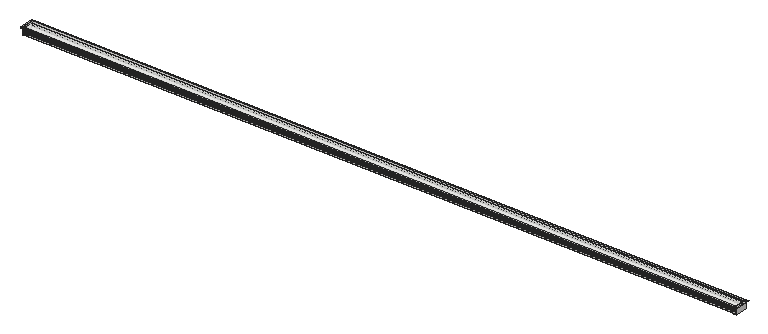
Revit family "Lighting-Luminii-Myka_Asymmetric_R", category Lighting Fixtures, host Face, Revit 2020
Family settings
  Host = Face
  Round Connector Dimension = Use Diameter
  Part Type = Normal
  OmniClass Number = 23.80.70.11.14.11
  OmniClass Title = Downlights
  Cut with Voids When Loaded = No
  Light Source = Yes
  Shared = Yes
  Room Calculation Point = No
Parameters (values of type "Myka Recessed Asymmetric")
  Width = 1"  # constant formula
  Wattage Comments = "6 W/ft"
  Wattage = 6 W
  Warranty URL = "https://www.luminii.com/terms-conditions/"
  built-in parameter 1150110 = 1 (stored number, unit not read)
  Voltage Comments = "120VAC - 277VAC"  # constant formula
  Voltage = 120 V
  Version = "2020 - v1.0a"  # constant formula
  URL = "https://www.luminii.com/"
  built-in parameter 1114217 = 1 (stored number, unit not read)
  Tilt Angle = -90.00°  # constant formula
  built-in parameter 1150109 = 1 (stored number, unit not read)
  built-in parameter 1150134 = (empty or 0)
  built-in parameter 1150113 = 1 (stored number, unit not read)
  Support Phone = "224-699-9545"  # constant formula
  Support Email = "mailto:support@bimsmith.com"
  Right Endcap [instance] = yes
  Product Page URL = "Consult Manufacturer Website for more Information"
  Power Source Type = "Driver"  # constant formula
  Power Factor = 1
  Photometric Web File = "MKRA-48-72VHO-30K-F.ies"
  Phase = 1
  Operating Temperature = "Consult Manufacturer Website for more Information"  # constant formula
  Number of Poles = if(and(or(Voltage = 120 V, Voltage = 277 V), Phase = 1), 1, if(and(or(Voltage = 208 V, Voltage = 240 V), Phase = 1), 2, if(and(or(Voltage = 208 V, Voltage = 240 V), Phase = 3), 3, if(and(Voltage > 300 V, Phase = 1), 2, if(and(Voltage > 400 V, Phase = 3), 3, 1)))))  # 1
  Mounting Method = "Mounting Options Include: Hard Surface Mounting Bracket, Gypsum Surface Mounting Bracket"  # constant formula
  Model = "MKRA"  # constant formula
  Manufacturer Phone Number = "403-216-7043"  # constant formula
  Manufacturer Email = "mailto: info@sensolighting.com"
  Manufacturer Address = "302 50 Ave SE. Calgary, Alberta, T2G 2A9 Canada"  # constant formula
  Manufacturer = "Luminii"  # constant formula
  built-in parameter 1150105 = 372 (stored number, unit not read)
  Lumens = 372 lm
  Luminaire Type = "Linear Illumination System"  # constant formula
  built-in parameter 1150115 = 1 (stored number, unit not read)
  Load Classification = Lighting
  built-in parameter 1150137 = (empty or 0)
  built-in parameter 1150139 = (empty or 0)
  Lens Material = Plastic - Luminii - Frosted Lens
  Length [instance] = if(Desired Length < 12", 12", if(Desired Length > 144", 144", (round(Desired Length / 1")) * 1"))  # 48"
  Left Endcap [instance] = yes
  built-in parameter 1150112 = 1 (stored number, unit not read)
  built-in parameter 1150114 = 1 (stored number, unit not read)
  Lamp Life = 1
  Lamp = "LED"  # constant formula
  Keynote = "26 50 00"
  built-in parameter 1150132 = (empty or 0)
  built-in parameter 1150102 = (empty or 0)
  built-in parameter 1150107 = 3000 (stored number, unit not read)
  Initial Color Comments = "Perfomance based on 3000K Photometric Web File"  # constant formula
  built-in parameter 1150138 = (empty or 0)
  built-in parameter 1150106 = 3.72 (stored number, unit not read)
  Housing Protection Rating = "Consult Manufacturer Website for more Information"  # constant formula
  Height = 125/256"  # constant formula
  Has Dimming = 1 = 1  # yes
  Has Battery Backup = 0 = 1  # no
  Frequency Comments = ""  # constant formula
  Frequency = 60 Hz
  Finish = Metal - Luminii - Silver Anodized Aluminum
  Environment = "Indoor"  # constant formula
  Emit from Line Length = 48"
  built-in parameter 1150104 = 5.76 (stored number, unit not read)
  Dimming Type = "Consult Manufacturer Website for more Information"  # constant formula
  Dimming Lamp Color Temperature Shift = <None>
  Desired Length [instance] = 48"
  Description = "Linear Illumination System"  # constant formula
  Default Elevation = 0"  # constant formula
  Current Amps = 50 A
  Copyright = "©2024 Luminii"  # constant formula
  Control Zone = "Consult Manufacturer Website for more Information"  # constant formula
  Control Type = "Consult Manufacturer Website for more Information"  # constant formula
  Constraints = 1  # constant formula
  Color Filter = 16777215
  built-in parameter 1114216 [instance] = 0  # (empty or 0)
  built-in parameter 1140040 [instance] = 1 = 1  # 1
  CCT = "3000K"
  built-in parameter 1114218 = 1 (stored number, unit not read)
  built-in parameter 1150133 = 10 (stored number, unit not read)
  Assembly Code = "D5040.50"
  Apparent Load = Wattage / Power Factor  # 6 VA
Reference planes (in)
  plane 1 "Center (Front/Back)": y = 0
  plane 2: z = 0
  plane 3 "Center (Left/Right)": x = 0
  plane 4: x = 0
  plane 5: x = 0
  plane 6: y = 0.5
  plane 7: y = -0.5
  plane 8: x = -24
  plane 9: x = 24
  plane 10: z = -0.44828
  plane 11: z = 0.04
Forms (in)
  Extrusion 1, solid, material "Metal - Luminii - Silver Anodized Aluminum", not visible
    sketch origin (0, 0, -0.01563) x (1, 0, 0) y (0, 1, 0)
      loop
        circle (0, 0) r 0.03125
    from -0.43266 to -0.40086
  Extrusion 2, void
    sketch origin (0, 1.24288, 2.36) x (0, 1, 0) y (-1, 0, 0)
      loop
        line (-0.84628, 23.9063) -> (-1.63948, 23.9063) -> (-1.63948, -23.9063) -> (-0.84628, -23.9063) -> (-0.84628, 23.9063)
    from -2.80828 to -2.36
Dimensions and locks (in)
  equal spacing: plane 4, plane 3 "Center (Left/Right)", plane 5
  equal spacing: plane 6, plane 1 "Center (Front/Back)", plane 7
  plane 4 to plane 5 = 0"
  "Width": plane 6 to plane 7
  equal spacing: plane 8, plane 3 "Center (Left/Right)", plane 9
  "Length": plane 8 to plane 9
  plane 2 to Extrusion 1 = 0.41649"
  locked: plane 11 to plane 2 at 0.04
  "Height": plane 10 to plane 11
  locked: plane 10 to Extrusion 1 at 0.03179
  locked: plane 1 "Center (Front/Back)" to imposter light at 0.07031
  locked: Extrusion 2 sketch curve to plane 9 at 0.0937
  locked: plane 8 to Extrusion 2 sketch curve at 0.0937
  locked: plane 6 to Extrusion 2 sketch curve at 0.1034
  locked: Extrusion 2 sketch curve to plane 7 at 0.1034
  aligned and locked: plane 2 to host face
  aligned and locked: plane 3 "Center (Left/Right)" to Extrusion 1 sketch curve
  aligned and locked: imposter light to plane 3 "Center (Left/Right)"
  aligned and locked: plane 1 "Center (Front/Back)" to Extrusion 1 sketch curve
  aligned and locked: plane 10 to Extrusion 1
  aligned and locked: nested 1 to plane 3 "Center (Left/Right)"
  aligned and locked: nested 1 to plane 1 "Center (Front/Back)"
  aligned and locked: imposter light to plane 11
  aligned and locked: plane 10 to Extrusion 2
  aligned and locked: plane 2 to Extrusion 2
Automatic sketch dimensions
  host sketch curve to host sketch curve = 96"  (x2)
  radius of Extrusion 1 sketch curve = 1/32"
Nested families (in)
  nested 1: "Nested Lamp" at (0, 0, 0) x (-1, 0, 0) z (0, 0, 1), type "Nested Lamp"
    with Length 48"
Connectors (in)
  electrical at (0, 0, -0.44828), driven by "Number of Poles", driven by "Load Classification", driven by "Voltage", driven by "Apparent Load", driven by "Power Factor"
    settings: on Extrusion 1, index 1, voltage 120 V, apparent load 6 VA, apparent load phase1 0 VA, apparent load phase2 0 VA, apparent load phase3 0 VA, power factor 1, load classification "Lighting", number of poles 1, system type 30, power factor state 1, is connector primary yes, connector utility no, sub classification motor no, connector description "Power Connection"
Definition of nested family "Nested Lamp"
  Parameters (values of type "Nested Lamp")
    Right Cap = yes
    Lens = none
    Length = 24"
    Left Cap = yes
    Finish = none
    Default Elevation = 48"
    C Right Endcap = if(Right Cap, 9/64", 0")  # 9/64"
    C Left Endcap = if(Left Cap, 9/64", 0")  # 9/64"
  Reference planes (in)
    plane 1 "Center (Front/Back)": y = 0
    plane 2: z = 0
    plane 3 "Center (Left/Right)": x = 0
    plane 4: x = -11.85937
    plane 5: x = 11.85938
    plane 6: x = 12
    plane 7: x = -12
  Forms (in)
    Extrusion 1, solid
      sketch origin (0, 0, 0) x (1, 0, 0) y (0, 1, 0)
        loop
          line (-48, 48) -> (-48, -48) -> (48, -48) -> (48, 48) -> (-48, 48)
      from 0 to -12
    Sweep 2, solid, material <- "Finish", detail levels medium+fine
      path origin (0, 0, 0) x (1, 0, 0) y (0, 1, 0)
        loop
          line (-11.85937, 0) -> (11.85938, 0)
      profile origin (0, 0, 0) x (0, 1, 0) y (0, 0, 1)
        loop
          line (0.3966, 0.04) -> (0.36535, 0.04) -> (0.14564, -0.24759) -> (0.1593, -0.29239) -> (0.12399, -0.29862) -> (0.10769, -0.32686) -> (0.10769, -0.37026) -> (0.09407, -0.39946) -> (-0.30077, -0.20688) -> (-0.28614, -0.17818) -> (-0.25195, -0.15146) -> (-0.23968, -0.12109) -> (-0.25639, -0.08965) -> (-0.21268, -0.07283) -> (-0.18324, 0.04) -> (-0.3966, 0.04) -> (-0.5, 0.02516) -> (-0.5, -0.00609) -> (-0.42249, -0.00609) -> (-0.42249, -0.0386) -> (-0.33766, -0.05023) -> (-0.33766, -0.1045) -> (-0.3805, -0.12923) -> (-0.3805, -0.30609) -> (-0.34412, -0.30609) -> (-0.37245, -0.4118) -> (-0.37245, -0.44587) -> (-0.27492, -0.44587) -> (-0.27492, -0.3781) -> (-0.26351, -0.30609) -> (-0.19873, -0.30609) -> (-0.18702, -0.38006) -> (-0.18702, -0.44587) -> (0.18761, -0.44587) -> (0.18761, -0.38006) -> (0.19932, -0.30609) -> (0.2641, -0.30609) -> (0.27551, -0.3781) -> (0.27551, -0.44587) -> (0.37245, -0.44587) -> (0.37245, -0.4118) -> (0.34412, -0.30609) -> (0.3805, -0.30609) -> (0.3805, -0.2438) -> (0.33766, -0.21906) -> (0.33766, -0.16292) -> (0.3805, -0.13819) -> (0.3805, -0.03951) -> (0.42249, -0.03951) -> (0.42249, -0.00609) -> (0.5, -0.00609) -> (0.5, 0.02516) -> (0.3966, 0.04)
    Sweep 3, solid, material <- "Finish", visible <- "Left Cap"
      path origin (-28, 0, 0) x (-1, 0, 0) y (0, 1, 0)
        loop
          line (-16.14062, 0) -> (-16.05078, 0)
      profile origin (-11.9043, 0, 0) x (0, -1, 0) y (0, 0, 1)
        loop
          line (0.3905, -0.00609) -> (-0.3905, -0.00609) -> (-0.3905, -0.44587) -> (0.3905, -0.44587) -> (0.3905, -0.00609)
    Sweep 4, solid, material <- "Finish", visible <- "Right Cap"
      path origin (28, 0, 0) x (1, 0, 0) y (0, 1, 0)
        loop
          line (-16.14062, 0) -> (-16.0527, 0)
      profile origin (11.90334, 0, 0) x (0, 1, 0) y (0, 0, 1)
        loop
          line (-0.3905, -0.00609) -> (-0.3905, -0.44587) -> (0.3905, -0.44587) -> (0.3905, -0.00609) -> (-0.3905, -0.00609)
    Sweep 5, solid, material <- "Lens", detail levels medium+fine
      path origin (0, 0, 0) x (1, 0, 0) y (0, 1, 0)
        loop
          line (-11.85937, 0) -> (11.85938, 0)
      profile origin (0, 0, 0) x (0, 1, 0) y (0, 0, 1)
        loop
          line (0.21441, -0.15758) -> (-0.18408, 0.03677) -> (-0.21268, -0.07283) -> (-0.25639, -0.08965) -> (-0.23668, -0.12671) -> (-0.20714, -0.11654) -> (-0.1595, -0.01886) -> (0.15543, -0.17246) -> (0.10779, -0.27014) -> (0.11796, -0.29969) -> (0.1593, -0.29239) -> (0.14564, -0.24759) -> (0.21441, -0.15758)
    Sweep 6, solid, material <- "Finish", detail levels coarse
      path origin (0, 0, 0) x (1, 0, 0) y (0, 1, 0)
        loop
          line (-11.85937, 0) -> (11.85938, 0)
      profile origin (0, 0, 0) x (0, 1, 0) y (0, 0, 1)
        loop
          line (0.3905, -0.00609) -> (0.5, -0.00609) -> (0.5, 0.04) -> (0.36535, 0.04) -> (0.04712, -0.37656) -> (-0.25365, -0.22987) -> (-0.18324, 0.04) -> (-0.5, 0.04) -> (-0.5, -0.00609) -> (-0.3905, -0.00609) -> (-0.3905, -0.44587) -> (0.3905, -0.44587) -> (0.3905, -0.00609)
    Sweep 7, solid, material <- "Lens", detail levels coarse
      path origin (0, 0, 0) x (1, 0, 0) y (0, 1, 0)
        loop
          line (-11.85937, 0) -> (11.85938, 0)
      profile origin (0, 0, 0) x (0, 1, 0) y (0, 0, 1)
        loop
          line (0.04712, -0.37656) -> (0.21441, -0.15758) -> (-0.18408, 0.03677) -> (-0.25365, -0.22987) -> (0.04712, -0.37656)
    Extrusion 8, solid, material <- "Finish", visible <- "Right Cap", detail levels coarse
      sketch origin (0, 0, 0) x (1, 0, 0) y (0, 1, 0)
        loop
          line (11.85938, 0.5) -> (11.85938, -0.5) -> (12, -0.5) -> (12, 0.5) -> (11.85938, 0.5)
      from -0.00609 to 0.04
    Extrusion 9, solid, material <- "Finish", visible <- "Left Cap", detail levels coarse
      sketch origin (0, 0, 0) x (-1, 0, 0) y (0, -1, 0)
        loop
          line (11.85938, -0.5) -> (12, -0.5) -> (12, 0.5) -> (11.85938, 0.5) -> (11.85938, -0.5)
      from -0.00609 to 0.04
    Sweep 10, solid, material <- "Finish", visible <- "Right Cap", detail levels medium+fine
      path origin (0, 0, 0) x (1, 0, 0) y (0, 1, 0)
        loop
          line (12, 0) -> (11.85938, 0)
      profile origin (11.92969, 0, 0) x (0, -1, 0) y (0, 0, 1)
        loop
          line (0.5, -0.00609) -> (0.5, 0.02516) -> (0.3966, 0.04) -> (-0.3966, 0.04) -> (-0.5, 0.02516) -> (-0.5, -0.00609) -> (0.5, -0.00609)
    Extrusion 11, void
      sketch origin (0, 0, 0) x (1, 0, 0) y (0, 0, 1)
        loop
          line (12, 0.02516) -> (12, 0.0574) -> (11.79643, 0.0574) -> (12, 0.02516)
      from -0.62296 to 0.9061
    Sweep 12, solid, material <- "Finish", visible <- "Left Cap", detail levels medium+fine
      path origin (0, 0, 0) x (-1, 0, 0) y (0, 1, 0)
        loop
          line (12, 0) -> (11.85938, 0)
      profile origin (-11.92969, 0, 0) x (0, 1, 0) y (0, 0, 1)
        loop
          line (-0.5, -0.00609) -> (0.5, -0.00609) -> (0.5, 0.02516) -> (0.3966, 0.04) -> (-0.3966, 0.04) -> (-0.5, 0.02516) -> (-0.5, -0.00609)
    Extrusion 13, void
      sketch origin (0, 0, 0) x (-1, 0, 0) y (0, 0, -1)
        loop
          line (12, -0.02516) -> (11.79643, -0.0574) -> (12, -0.0574) -> (12, -0.02516)
      from -0.62296 to 0.9061
  Cuts and joins
    Extrusion 11, Extrusion 13 cuts Sweep 10
    Extrusion 13 cuts Extrusion 8
    Extrusion 13 cuts Sweep 12
  Dimensions and locks (in)
    "Length": plane 7 to plane 6
    "C Left Endcap": plane 7 to plane 4
    "C Right Endcap": plane 5 to plane 6
    plane 7 to Sweep 3 sketch curve to Sweep 3 sketch curve = 13/256" locked, 23/256" locked
    Sweep 4 sketch curve to Sweep 4 sketch curve to plane 6 = 0.08792" locked, 0.0527" locked
    equal spacing: plane 7, plane 3 "Center (Left/Right)", plane 6
    locked: Extrusion 8 sketch curve to plane 6 at 0.14063
    locked: plane 7 to Extrusion 9 sketch curve at 0.14063
    locked: Sweep 10 sketch curve to plane 6 at 0.14062
    Extrusion 11 to plane 1 "Center (Front/Back)" to Extrusion 11 = 0.9061" locked, 0.62296" locked
    locked: plane 6 to Extrusion 11 sketch curve at 0.20357
    Extrusion 11 sketch curve to Extrusion 11 sketch curve to plane 2 = 0.03224" locked, 0.02516" locked
    Extrusion 13 to plane 1 "Center (Front/Back)" to Extrusion 13 = 0.9061" locked, 0.62296" locked
    Extrusion 13 sketch curve to Extrusion 13 sketch curve to plane 2 = 0.03224" locked, 0.02516" locked
    locked: plane 7 to Sweep 12 sketch curve at 0.14062
    locked: plane 7 to Extrusion 13 sketch curve at 0.20357
    locked: profile plane to Sweep 3 sketch curve at 0.00609
    locked: profile plane to Sweep 3 at 0.00609
    aligned and locked: plane 2 to Extrusion 1
    aligned and locked: level to Extrusion 1
    aligned and locked: plane 4 to Sweep 2 sketch curve
    aligned and locked: plane 1 "Center (Front/Back)" to Sweep 2 sketch curve
    aligned and locked: plane 5 to Sweep 2 sketch curve
    aligned and locked: Sweep 3 sketch curve to plane 1 "Center (Front/Back)"
    aligned and locked: plane 1 "Center (Front/Back)" to Sweep 4 sketch curve
    aligned and locked: plane 5 to Sweep 5 sketch curve
    aligned and locked: plane 4 to Sweep 5 sketch curve
    aligned and locked: plane 1 "Center (Front/Back)" to Sweep 5 sketch curve
    aligned and locked: Extrusion 8 sketch curve to plane 6
    aligned and locked: plane 7 to Extrusion 9 sketch curve
    aligned and locked: plane 6 to Sweep 10 sketch curve
    aligned and locked: Sweep 10 sketch curve to plane 1 "Center (Front/Back)"
    aligned and locked: plane 6 to Extrusion 11 sketch curve
    aligned and locked: plane 7 to Sweep 12 sketch curve
    aligned and locked: plane 1 "Center (Front/Back)" to Sweep 12 sketch curve
    aligned and locked: Extrusion 13 sketch curve to plane 7
  Automatic sketch dimensions
    Extrusion 1 sketch curve to Extrusion 1 sketch curve = 96"  (x2)
    Sweep 2 sketch curve to level = 0.00609"  (x2)
    profile plane to Sweep 2 sketch curve = 1/2"
    Sweep 2 sketch curve to Sweep 2 sketch curve = 0.07751"  (x2)
    level to Sweep 2 sketch curve = 0.04"  (x2)
    Sweep 2 sketch curve to Sweep 2 sketch curve = 0.02589"
    Sweep 2 sketch curve to level = 0.12923"
    Sweep 2 sketch curve to Sweep 2 sketch curve = 0.04199"  (x2)
    Sweep 2 sketch curve to Sweep 2 sketch curve = 0.00805"
    Sweep 2 sketch curve to Sweep 2 sketch curve = 0.03638"  (x2)
    Sweep 2 sketch curve to level = 0.05023"
    Sweep 2 sketch curve to Sweep 2 sketch curve = 0.08483"
    Sweep 2 sketch curve to Sweep 2 sketch curve = 0.04335"
    Sweep 2 sketch curve to Sweep 2 sketch curve = 0.01463"
    Sweep 2 sketch curve to Sweep 2 sketch curve = 0.09753"
    Sweep 2 sketch curve to Sweep 2 sketch curve = 0.01141"
    Sweep 2 sketch curve to level = 0.08965"
    Sweep 2 sketch curve to Sweep 2 sketch curve = 0.08127"
    Sweep 2 sketch curve to Sweep 2 sketch curve = 0.0342"
    Sweep 2 sketch curve to Sweep 2 sketch curve = 0.01227"
    Sweep 2 sketch curve to level = 0.07283"
    Sweep 2 sketch curve to Sweep 2 sketch curve = 0.04372"
    Sweep 2 sketch curve to Sweep 2 sketch curve = 0.06478"  (x2)
    Sweep 2 sketch curve to Sweep 2 sketch curve = 0.0879"  (x2)
    Sweep 2 sketch curve to Sweep 2 sketch curve = 0.02944"
    Sweep 2 sketch curve to profile plane = 0.09407"
    Sweep 2 sketch curve to Sweep 2 sketch curve = 0.01362"
    Sweep 2 sketch curve to Sweep 2 sketch curve = 0.03796"
    Sweep 2 sketch curve to Sweep 2 sketch curve = 0.01366"
    Sweep 2 sketch curve to Sweep 2 sketch curve = 0.09354"
    Sweep 2 sketch curve to Sweep 2 sketch curve = 0.04002"
    Sweep 2 sketch curve to level = 0.16292"
    Sweep 2 sketch curve to Sweep 2 sketch curve = 0.07356"
    Sweep 2 sketch curve to Sweep 2 sketch curve = 0.08002"
    Sweep 2 sketch curve to Sweep 2 sketch curve = 0.02769"
    Sweep 2 sketch curve to Sweep 2 sketch curve = 0.09694"
    Sweep 2 sketch curve to Sweep 2 sketch curve = 0.04284"
    Sweep 2 sketch curve to Sweep 2 sketch curve = 1/32"
    level to Sweep 2 sketch curve = 0.02516"  (x2)
    Sweep 2 sketch curve to Sweep 2 sketch curve = 0.08853"
    Sweep 2 sketch curve to Sweep 2 sketch curve = 0.02871"
    Sweep 2 sketch curve to Sweep 2 sketch curve = 0.05615"
    Sweep 2 sketch curve to Sweep 2 sketch curve = 0.02473"  (x3)
    Sweep 2 sketch curve to Sweep 2 sketch curve = 0.02853"
    Sweep 2 sketch curve to Sweep 2 sketch curve = 0.0448"
    Sweep 2 sketch curve to Sweep 2 sketch curve = 0.06229"
    Sweep 2 sketch curve to Sweep 2 sketch curve = 0.0992"  (x2)
    Sweep 2 sketch curve to Sweep 2 sketch curve = 0.01369"
    Sweep 2 sketch curve to Sweep 2 sketch curve = 0.03447"
    Sweep 2 sketch curve to Sweep 2 sketch curve = 0.0434"
    Sweep 2 sketch curve to Sweep 2 sketch curve = 0.07202"  (x2)
    Sweep 2 sketch curve to Sweep 2 sketch curve = 0.07397"  (x2)
    Sweep 2 sketch curve to Sweep 2 sketch curve = 0.0292"
    Sweep 2 sketch curve to Sweep 2 sketch curve = 0.0337"  (x2)
    Sweep 2 sketch curve to Sweep 2 sketch curve = 0.03407"  (x2)
    Sweep 2 sketch curve to Sweep 2 sketch curve = 0.06582"
    Sweep 2 sketch curve to Sweep 2 sketch curve = 0.02672"
    Sweep 2 sketch curve to Sweep 2 sketch curve = 0.03037"
    Sweep 2 sketch curve to level = 0.03951"
    Sweep 2 sketch curve to Sweep 2 sketch curve = 0.03251"
    Sweep 2 sketch curve to Sweep 2 sketch curve = 0.0163"
    Sweep 2 sketch curve to Sweep 2 sketch curve = 0"
    Sweep 2 sketch curve to Sweep 2 sketch curve = 0.02824"
    profile plane to Sweep 3 sketch curve = 0.3905"
    Sweep 3 sketch curve to profile plane = 0.3905"
    Sweep 3 sketch curve to Sweep 3 sketch curve = 0.43978"
    Sweep 4 sketch curve to level = 0.00609"
    profile plane to Sweep 4 sketch curve = 0.3905"
    Sweep 4 sketch curve to profile plane = 0.3905"
    Sweep 4 sketch curve to Sweep 4 sketch curve = 0.43978"
    Sweep 5 sketch curve to level = 0.08965"
    profile plane to Sweep 5 sketch curve = 0.25639"
    Sweep 5 sketch curve to Sweep 5 sketch curve = 0.01971"
    Sweep 5 sketch curve to level = 0.07283"
    Sweep 5 sketch curve to Sweep 5 sketch curve = 0.04372"
    Sweep 5 sketch curve to Sweep 5 sketch curve = 0.02955"  (x2)
    level to Sweep 5 sketch curve = 0.03677"
    Sweep 5 sketch curve to Sweep 5 sketch curve = 0.02859"
    Sweep 5 sketch curve to level = 0.01886"
    Sweep 5 sketch curve to Sweep 5 sketch curve = 0.02459"
    Sweep 5 sketch curve to profile plane = 0.10779"
    Sweep 5 sketch curve to Sweep 5 sketch curve = 0.01017"  (x2)
    Sweep 5 sketch curve to Sweep 5 sketch curve = 0.03786"
    Sweep 5 sketch curve to Sweep 5 sketch curve = 0.00979"
    Sweep 5 sketch curve to Sweep 5 sketch curve = 0.04135"
    Sweep 5 sketch curve to Sweep 5 sketch curve = 0.05898"
    Sweep 5 sketch curve to Sweep 5 sketch curve = 0.04371"
    Sweep 5 sketch curve to Sweep 5 sketch curve = 0.01488"
    Sweep 5 sketch curve to Sweep 5 sketch curve = 0.02254"
    Sweep 5 sketch curve to Sweep 5 sketch curve = 0.0448"
    plane 1 "Center (Front/Back)" to Sweep 6 sketch curve = 0"
    Sweep 6 sketch curve to plane 4 = 0"
    Sweep 6 sketch curve to plane 5 = 0"
    level to Sweep 6 sketch curve = 0.04"  (x2)
    profile plane to Sweep 6 sketch curve = 1/2"
    profile plane to Sweep 6 sketch curve = 0.3905"
    profile plane to Sweep 6 sketch curve = 0.25365"
    profile plane to Sweep 6 sketch curve = 0.18324"
    Sweep 6 sketch curve to profile plane = 0.04712"
    Sweep 6 sketch curve to profile plane = 0.36535"
    Sweep 6 sketch curve to Sweep 6 sketch curve = 0.34338"
    Sweep 6 sketch curve to Sweep 6 sketch curve = 0.1095"
    Sweep 6 sketch curve to level = 0.00609"  (x2)
    Sweep 6 sketch curve to level = 0.22987"
    Sweep 6 sketch curve to Sweep 6 sketch curve = 0.14669"
    Sweep 6 sketch curve to Sweep 6 sketch curve = 0.21601"
    plane 1 "Center (Front/Back)" to Sweep 7 sketch curve = 0"
    Sweep 7 sketch curve to plane 4 = 0"
    Sweep 7 sketch curve to plane 5 = 0"
    profile plane to Sweep 7 sketch curve = 0.25365"
    level to Sweep 7 sketch curve = 0.03677"
    profile plane to Sweep 7 sketch curve = 0.18408"
    Sweep 7 sketch curve to profile plane = 0.04712"
    Sweep 7 sketch curve to profile plane = 0.21441"
    Sweep 7 sketch curve to level = 0.15758"
    Sweep 7 sketch curve to level = 0.22987"
    Sweep 7 sketch curve to Sweep 7 sketch curve = 0.21898"
    plane 1 "Center (Front/Back)" to Extrusion 8 sketch curve = 1/2"
    Extrusion 8 sketch curve to plane 1 "Center (Front/Back)" = 1/2"
    Extrusion 9 sketch curve to plane 1 "Center (Front/Back)" = 1/2"
    plane 1 "Center (Front/Back)" to Extrusion 9 sketch curve = 1/2"
    Sweep 10 sketch curve to level = 0.00609"
    profile plane to Sweep 10 sketch curve = 1/2"
    level to Sweep 10 sketch curve = 0.04"
    Sweep 10 sketch curve to Sweep 10 sketch curve = 0.1034"  (x2)
    Sweep 10 sketch curve to profile plane = 0.3966"
    level to Sweep 10 sketch curve = 0.02516"  (x2)
    level to Sweep 12 sketch curve = 0.02516"  (x2)
    profile plane to Sweep 12 sketch curve = 1/2"
    level to Sweep 12 sketch curve = 0.04"
    Sweep 12 sketch curve to Sweep 12 sketch curve = 0.1034"  (x2)
    Sweep 12 sketch curve to profile plane = 0.3966"
    Sweep 12 sketch curve to level = 0.00609"
